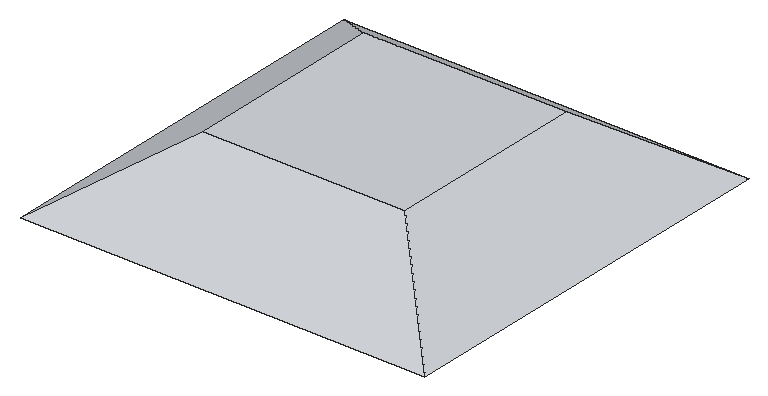
Revit family "M_Grelha do exaustor", category Terminais de ar, Revit 2019
Family settings
  Cota do conector redondo = Utilizar diâmetro
  Tipo de parte = Normal
  Número OmniClass = 23.75.70.21.27.11
  Título OmniClass = Diffusers, Registers, and Grilles
  ID de item do Seek = Exhaust Grill-0000-CAN-ENU
  Com base no plano de trabalho = Não
  Sempre na vertical = Sim
  Corte com vazios quando carregada = Não
  Compartilhado = Não
  Ponto de cálculo do ambiente = Não
Parameters (values of type "600 x 600 Face 300 x 300 Conexão")
  Largura 1 = Largura do difusor * 0.65  # 390 mm
  Largura do duto = 300 mm
  Altura do duto = Largura do duto  # 300 mm
  Largura do difusor = 600 mm
  SetaAcima [instance] = yes
  Queda de pressão [instance] = 14.0 Pa
  SetaDireita [instance] = yes
  SetaEsquerda [instance] = yes
  Fluxo [instance] = 235.0 L/s
  SetaparaBaixo [instance] = yes
  Altura do difusor = Largura do difusor  # 600 mm
  Assembly Code = ""
Reference planes
  plane 1 "Centro (Frente/Trás)": y = 0
  plane 2: z = 0
  plane 3 "Centro (Esquerda/Direita)": x = 0
Forms (mm)
  Blend 1, solid
    base sketch origin (0, 0, 0) x (1, 0, 0) y (0, 1, 0)
      loop
        line (-300, 300) -> (-300, -300) -> (300, -300) -> (300, 300) -> (-300, 300)
    top sketch origin (0, 0, 0) x (1, 0, 0) y (0, 1, 0)
      loop
        line (-150, 150) -> (-150, -150) -> (150, -150) -> (150, 150) -> (-150, 150)
    from 0 to 101.6
Lines and regions (mm)
  symbolic lines, style "DuctTerminal"
    curve 1: line (-300, -300, 0) -> (0, 0, 0)
    curve 2: line (-300, 300, 0) -> (300, 300, 0)
    curve 3: line (300, 300, 0) -> (300, -300, 0)
    curve 4: line (300, -300, 0) -> (-300, -300, 0)
    curve 5: line (-300, 300, 0) -> (-300, -300, 0)
  symbolic lines
    curve 6: line (-300, 300, 0) -> (300, -300, 0)
Dimensions and locks
  equal spacing: Blend 1 sketch curve, plane 3 "Centro (Esquerda/Direita)", Blend 1 sketch curve  (x2)
  "Largura do difusor": Blend 1 sketch curve to Blend 1 sketch curve
  equal spacing: Blend 1 sketch curve, plane 1 "Centro (Frente/Trás)", Blend 1 sketch curve  (x2)
  "Altura do difusor": Blend 1 sketch curve to Blend 1 sketch curve
  "Largura do duto": Blend 1 sketch curve to Blend 1 sketch curve
  "Altura do duto": Blend 1 sketch curve to Blend 1 sketch curve
  "Largura 1": nested 1 to plane 3 "Centro (Esquerda/Direita)"
  "Largura 1": plane 1 "Centro (Frente/Trás)" to nested 2
  "Largura 1": plane 1 "Centro (Frente/Trás)" to nested 4
  "Largura 1": plane 3 "Centro (Esquerda/Direita)" to nested 3
  aligned and locked: Blend 1 to curve 1
  aligned and locked: curve 5 to Blend 1
  aligned and locked: plane 1 "Centro (Frente/Trás)" to nested 1
  aligned and locked: plane 3 "Centro (Esquerda/Direita)" to nested 2
  aligned and locked: nested 3 to plane 1 "Centro (Frente/Trás)"
  aligned and locked: nested 4 to plane 3 "Centro (Esquerda/Direita)"
  aligned and locked: curve 2 to Blend 1
  aligned and locked: curve 3 to Blend 1
  aligned and locked: plane 1 "Centro (Frente/Trás)" to curve 1
  aligned and locked: plane 3 "Centro (Esquerda/Direita)" to curve 1
Nested families
  nested 1: "M_Seta do terminal do duto" at (-390, 0, 0), visible <- "SetaEsquerda", type "Seta do terminal do duto"
  nested 2: "M_Seta do terminal do duto" at (0, -390, 0) x (0, 1, 0) z (0, 0, 1), visible <- "SetaparaBaixo", type "Seta do terminal do duto"
  nested 3: "M_Seta do terminal do duto" at (390, 0, 0) x (-1, 0, 0) z (0, 0, 1), visible <- "SetaDireita", type "Seta do terminal do duto"
  nested 4: "M_Seta do terminal do duto" at (0, 390, 0) x (0, -1, 0) z (0, 0, 1), visible <- "SetaAcima", type "Seta do terminal do duto"
Connectors
  hvac at (0, 0, 101.6), driven by "Largura do duto", driven by "Largura do duto", driven by "Fluxo", driven by "Queda de pressão"
    settings: on Blend 1, index 0, duct flow 235.0 L/s, flow factor 0, pres drop 14.0 Pa, loss coef 0, conn angle 0.00°, conn width 300 mm, conn height 300 mm, conn diameter 609.6 mm, duct sys type 3, conn prof type 1, flow config 1, flow direction 2, loss method 4, conn ref index -1, conn util no, is conn primary yes, conn desc ""
Definition of nested family "M_Seta do terminal do duto"
  Parameters
    Largura = (Comprimento / 2) / cos(15.00°)  # 25.882 mm
    Comprimento = 50 mm
  Reference planes
    plane 1 "Centro (Frente/Trás)": y = 0
    plane 2: z = 0
    plane 3 "Centro (Esquerda/Direita)": x = 0
  Lines and regions (mm)
    Filled region 1, type "Bloco de concreto", in view "Nível de referência"
      outline origin (-50.8, 0, 0) x (1, 0, 0) y (0, 1, 0)
        loop
          line (25.8, 6.699) -> (25.8, -6.699) -> (50.8, 0) -> (25.8, 6.699)
    detail lines, in view "Nível de referência"
      curve 1: line (-50, 0, 0) -> (0, 0, 0)
      curve 2: line (0, 0, 0) -> (-25, 6.699, 0)
      curve 3: line (0, 0, 0) -> (-25, -6.699, 0)
      curve 4: line (-25, 6.699, 0) -> (-25, -6.699, 0)
  Dimensions and locks
    "Comprimento": curve 1 to curve 1
    "Largura": curve 2 to curve 2
    "Largura": curve 3 to curve 3
    locked: curve 2 to curve 1 (angle 15.00°)
    locked: curve 1 to curve 3 (angle 15.00°)
    aligned and locked: plane 1 "Centro (Frente/Trás)" to curve 1
    aligned and locked: Filled region 1 sketch curve to curve 4
    aligned and locked: Filled region 1 sketch curve to curve 2
    aligned and locked: Filled region 1 sketch curve to curve 3
    aligned and locked: plane 3 "Centro (Esquerda/Direita)" to curve 1
